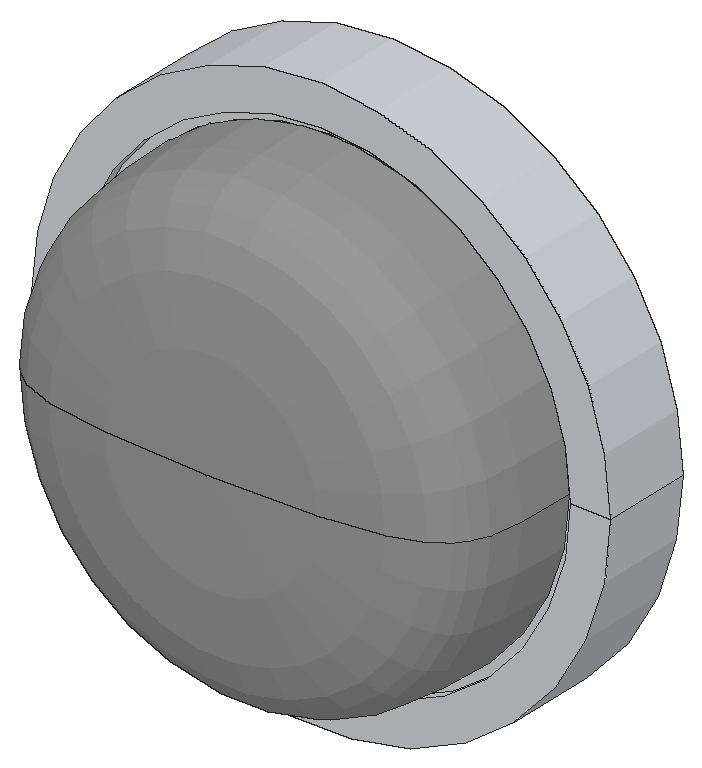
Revit family "O10-S290 LED 1000 AC 830 BL_Vertical Wall", category Lighting Fixtures, Revit 2016
Family settings
  Part Type = Normal
  Round Connector Dimension = Use Diameter
  OmniClass Number = 23.80.70.00
  OmniClass Title = Lighting
  Work Plane-Based = No
  Always vertical = Yes
  Cut with Voids When Loaded = No
  Light Source = Yes
  Shared = No
  Room Calculation Point = No
Parameters
  Wiring Accessories = ""
  Wattage Comments = ""
  Wattage = 12 W
  VoltageMax = 240 V
  built-in parameter 1150110 = 1 (stored number, unit not read)
  Voltage = 220 V
  UpdateDate = "21.04.2018 14:00:11"
  URL UK = "http://glamox.com/uk/products/O10-S290/items/O10113300"
  URL Sweden = "http://glamox.com/se/produkter/O10-S290/items/O10113300"
  URL Russia = "http://glamox.com/ru/products/O10-S290/items/O10113300"
  URL Other = "http://glamox.com/gsx/products/O10-S290/items/O10113300"
  URL Norway = "http://glamox.com/no/produkter/O10-S290/items/O10113300"
  URL Ireland = "http://glamox.com/ie/products/O10-S290/items/O10113300"
  URL Germany = "http://glamox.com/de/products/O10-S290/items/O10113300"
  URL Finland = "http://glamox.com/fi/products/O10-S290/items/O10113300"
  URL Estonia = "http://glamox.com/ee/products/O10-S290/items/O10113300"
  URL Denmark = "http://glamox.com/dk/produkter/O10-S290/items/O10113300"
  URL = ""
  TypeOfEmergency = ""
  TypeOfBallast = ""
  TotalWattage = 12 W
  Total Load = 12 W
  built-in parameter 1114217 = 1 (stored number, unit not read)
  Top Radius = Radius - 32.5 mm  # 112.5 mm
  Tilt Angle = 90.00°
  Termination = "5x2x2,5 PI"
  built-in parameter 1150109 = 1 (stored number, unit not read)
  built-in parameter 1150134 = (empty or 0)
  built-in parameter 1150113 = 1 (stored number, unit not read)
  Specification = "Outdoor product, in Aluminium, for Surface/Wall mounting, impact classification IK10, IP66, light source LED, lumen out 967lm, ballast type AC, with light source type CRI>80, 3000K, with Polycarbonate diffuser."
  Remark = ""
  RatedVoltage = 220 V
  PowerFactor = 98.00%
  Power Factor = 0.98
  Plug Type = ""
  Photometric Web File = "O10-S290-LED-1000-830.ies"
  Optic = ""
  Number of Poles = 1
  NominalFrequencyRange = 50 Hz
  ModelReference = "O10-S290"
  ModelLabel = "O10-S290 LED 1000 AC 830 BL"
  Maximum TA = 40
  MaintenanceFactor = 0
  MFArtNo = "O10113300"
  LumDiameter = Diameter  # 290 mm
  Load Classification [instance] = Lighting
  Model = ""
  Manufacturer = "Glamox"
  Lumens = 967 lm
  built-in parameter 1150115 = 1 (stored number, unit not read)
  built-in parameter 1150105 = 76.951 (stored number, unit not read)
  LightFixturePlacingType = "CEILING"
  LightFixtureMountingType = "SURFACE"
  built-in parameter 1150137 = (empty or 0)
  built-in parameter 1150139 = (empty or 0)
  LampBase = ""
  Lamp Wattage Comments = ""
  built-in parameter 1150112 = 1 (stored number, unit not read)
  built-in parameter 1150114 = 1 (stored number, unit not read)
  Lamp = "LED"
  built-in parameter 1150132 = 2
  built-in parameter 1150102 = (empty or 0)
  built-in parameter 1150138 = (empty or 0)
  built-in parameter 1150107 = 3000 (stored number, unit not read)
  built-in parameter 1150106 = 0.76951 (stored number, unit not read)
  IP_Code = "66"
  IPClass = "66"
  IK_Code = ""
  IFC Classification = "Light Fixture"
  Height = 131 mm
  GlobalTradeItemNumber = "4741145295802"
  Glamox Mounting = "Surface"
  Glamox Family = "O10-S290"
  Glamox Category = "Outdoor"
  FrequencyMax = 60 Hz
  Frequency = 50 Hz
  Expired = "0"
  Emit from Circle Diameter = LumDiameter  # 290 mm
  Emit Shape Visible in Rendering = yes
  built-in parameter 1150104 = 7.4864 (stored number, unit not read)
  ELNo Norway = ""
  ELNo Finland = ""
  EANNo = "4741145295802"
  DurationInBatteryMode = ""
  Dimming Lamp Color Temperature Shift = Incandescent Lamp Curve
  Diameter = 290 mm
  Description = "O10-S290 LED 1000 AC 830 BL"
  Cut Out = ""
  Completion = ""
  Color Filter = 16777215
  Radius = Diameter / 2  # 145 mm
  Body Material and Colour = Default
  built-in parameter 1114218 = 1 (stored number, unit not read)
  built-in parameter 1150133 = 10 (stored number, unit not read)
  Assembly Code = ""
  ArticleNumber = "O10113300"
  Apparent Load = Total Load / Power Factor  # 12.2449 VA
  #Ballast = 1
  # ballast on a MCB16 type C fuse = "176"
  # ballast on a MCB16 type B fuse = "130"
Reference planes
  plane 1 "Light Source Axis (F/B)": y = -162.418
  plane 2: z = 0
  plane 3 "Light Source Axis (L/R)": x = 0
  plane 4 "Light Source Elevation": z = 0
  plane 5: y = -177.418
  plane 6: y = -217.418
  plane 7: y = -222.418
  plane 8: y = -293.418
  plane 9: x = 145
  plane 10: x = 125
  plane 11: x = 120
Forms (mm)
  Revolve 1, solid
    sketch origin (0, 0, 0) x (0, -1, 0) y (1, 0, 0)
      loop
        line (162.418, 0) -> (293.418, 0)
        spline (293.418, 0) -> (292.867, 32.93) -> (291.336, 57.946) -> (289.01, 76.298) -> (286.072, 89.239) -> (282.706, 98.02) -> (279.096, 103.892) -> (275.426, 108.106) -> (271.642, 111.766) -> (266.152, 115.018) -> (256.753, 117.63) -> (241.242, 119.369) -> (217.418, 120)
        line (217.418, 120) -> (217.418, 125) -> (222.418, 125) -> (222.418, 145) -> (177.418, 145) -> (177.418, 120) -> (162.418, 120) -> (162.418, 0)
      axis (162.418, 0) -> (293.418, 0)
    angle from 0 to 360
Lines and regions (mm)
  symbolic lines
    curve 1: circle (0, -293.418, 0) r 131 normal (0, 0, -1)
    curve 2: line (0, -293.418, 0) -> (92.631, -200.787, 0)
    curve 3: line (0, -293.418, 0) -> (-92.631, -386.049, 0)
    curve 4: line (0, -293.418, 0) -> (-92.631, -200.787, 0)
    curve 5: line (0, -293.418, 0) -> (92.631, -386.049, 0)
Dimensions and locks
  plane 3 "Light Source Axis (L/R)" to plane 9 = 145 mm
  locked: plane 10 to plane 9 at 20
  locked: plane 11 to plane 10 at 5
  plane 1 "Light Source Axis (F/B)" to plane 5 = 15 mm
  locked: plane 5 to plane 7 at 45
  locked: plane 6 to plane 7 at 5
  locked: plane 1 "Light Source Axis (F/B)" to plane 8 at 131
  aligned and locked: level to plane 2
  aligned and locked: plane 4 "Light Source Elevation" to level
  aligned and locked: plane 3 "Light Source Axis (L/R)" to Revolve 1 sketch curve
  aligned and locked: Revolve 1 sketch curve to plane 5
  aligned and locked: plane 1 "Light Source Axis (F/B)" to Revolve 1 sketch curve
  aligned and locked: Revolve 1 sketch curve to Revolve 1 sketch curve  (x2)
  aligned and locked: plane 7 to Revolve 1 sketch curve
  aligned and locked: Revolve 1 sketch curve to plane 9
  aligned and locked: plane 6 to Revolve 1 sketch curve
  aligned and locked: plane 11 to Revolve 1 sketch curve
  aligned and locked: plane 3 "Light Source Axis (L/R)" to imposter light
  aligned and locked: plane 8 to imposter light
  aligned and locked: imposter light to level
Connectors
  electrical at (0, -162.418, 0), driven by "Load Classification", driven by "Voltage", driven by "Apparent Load", driven by "Power Factor"
    settings: on Revolve 1, index 1, voltage 220 V, apparent load 0 VA, apparent load phase1 12.2449 VA, apparent load phase2 0 VA, apparent load phase3 0 VA, power factor 0.98, load classification "Lighting", number of poles 1, system type 31, power factor state 1, is connector primary yes, connector utility no, sub classification motor no, connector description ""
